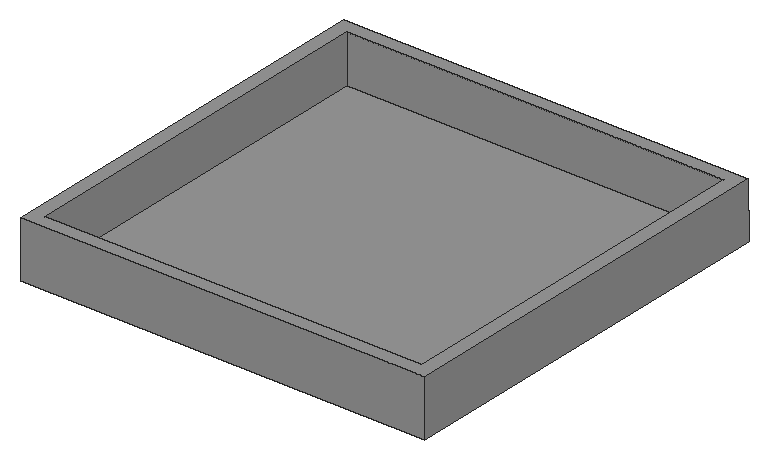
Revit family "RHUMBA_30W_4000K_2663LM_BLANC", category Lighting Fixtures, host Ceiling, Revit 2021
Family settings
  Host = Ceiling
  Round Connector Dimension = Use Diameter
  Part Type = Normal
  OmniClass Number = 23.80.70.11
  OmniClass Title = Luminaries for Internal Lighting
  Always vertical = Yes
  Cut with Voids When Loaded = No
  Light Source = Yes
  Shared = No
  Room Calculation Point = No
Parameters (values of type "Type 1")
  Wattage = 17.9276 W
  built-in parameter 1150110 = 1 (stored number, unit not read)
  Type de lampe = "LED Sanan LM80 Step MacAdam 5"
  Type = "Plafonnier"
  built-in parameter 1114217 = 1 (stored number, unit not read)
  Tilt Angle = 90.00°
  built-in parameter 1150109 = 1 (stored number, unit not read)
  built-in parameter 1150134 = 12
  built-in parameter 1150113 = 1 (stored number, unit not read)
  Puissance nominale = "30W"
  Photometric Web File = "google_eulumdat_converter (27).ies"
  Matériau = "Aluminium"
  Lumens = 2663 lm
  built-in parameter 1150115 = 1 (stored number, unit not read)
  built-in parameter 1150105 = 211.91 (stored number, unit not read)
  built-in parameter 1150137 = (empty or 0)
  built-in parameter 1150139 = (empty or 0)
  built-in parameter 1150112 = 1 (stored number, unit not read)
  built-in parameter 1150114 = 1 (stored number, unit not read)
  built-in parameter 1150132 = 2
  built-in parameter 1150102 = (empty or 0)
  built-in parameter 1150138 = (empty or 0)
  built-in parameter 1150107 = 4000 (stored number, unit not read)
  built-in parameter 1150106 = 2.1191 (stored number, unit not read)
  IRC = ">80"
  Emit from Rectangle Width = 609.6 mm
  Emit from Rectangle Length = 1219.2 mm
  Emit Shape Visible in Rendering = no
  built-in parameter 1150104 = 13.8 (stored number, unit not read)
  Durée de vie = "30 000 heures"
  Driver = "Driver Lifud Flicker TUV"
  Dimming Lamp Color Temperature Shift = <None>
  Dimensions = "300 x 300 mm, H = 42 mm"
  Dimension découpe = "300 x 300 mm"
  Default Elevation = 0 mm
  Couleur = "Blanc Mat"
  Color Filter = 16777215
  built-in parameter 1114218 = 1 (stored number, unit not read)
  built-in parameter 1150133 = 10 (stored number, unit not read)
  Alimentation Driver = "AC 220-240V"
Reference planes
  plane 1 "Light Source Axis (F/B)": y = 0
  plane 2: z = 0
  plane 3 "Light Source Axis (L/R)": x = 0
  plane 4 "Ceiling": z = 4000
  plane 5 "Light Source Elevation": z = 3949.867
Forms (mm)
  Extrusion 1, void
    sketch origin (0, 0, 4000) x (0, 1, 0) y (-1, 0, 0)
      loop
        line (140, 140) -> (-140, 140) -> (-140, -140) -> (140, -140) -> (140, 140)
    from -54.448 to 0
  Extrusion 2, solid, material "Metal, Paint Finish, White, Matte"
    sketch origin (0, 0, 4000) x (0, 1, 0) y (-1, 0, 0)
      loop
        line (150, 150) -> (-150, 150) -> (-150, -150) -> (150, -150) -> (150, 150)
    from -42 to 0
  Extrusion 3, solid, material "Glass, White, High Luminance"
    sketch origin (0, 0, 4000) x (0, 1, 0) y (-1, 0, 0)
      loop
        line (140, 140) -> (-140, 140) -> (-140, -140) -> (140, -140) -> (140, 140)
    from -42 to -35.588
Cuts and joins
  Extrusion 1 cuts Extrusion 2
Lines and regions (mm)
  reference lines
    curve 1: line (0, 0, 4000) -> (112.5, 0, 4000)
    curve 2: line (112.5, 0, 4000) -> (112.5, 112.5, 4000)
    curve 3: line (112.5, 112.5, 4000) -> (-112.5, 112.5, 4000)
    curve 4: line (-112.5, 112.5, 4000) -> (-112.5, -112.5, 4000)
    curve 5: line (-112.5, -112.5, 4000) -> (112.5, -112.5, 4000)
    curve 6: line (112.5, -112.5, 4000) -> (112.5, 0, 4000)
    curve 7: line (0, 0, 4000) -> (0, 0, 3958)
Dimensions and locks
  equal spacing: host sketch curve, plane 3 "Light Source Axis (L/R)", host sketch curve
  equal spacing: host sketch curve, plane 1 "Light Source Axis (F/B)", host sketch curve
  host sketch curve to host sketch curve = 4000 mm  (x2)
  plane 4 "Ceiling" to host ceiling = 0 mm
  aligned and locked: plane 5 "Light Source Elevation" to imposter light
